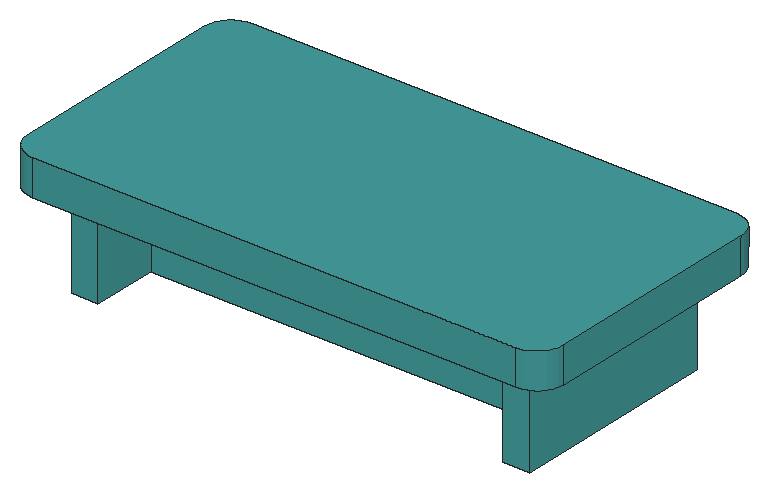
Revit family "HVAC_HangingSystems_Walraven_BIS_Strut_Rail_End_Cap", category Mechanical Equipment, Revit 2016
Family settings
  Part Type = Normal
  Round Connector Dimension = Use Diameter
  OmniClass Number = 23.60.30.11.17
  OmniClass Title = Pipework/Ductwork Mechanical Fasteners/Supports
  Work Plane-Based = Yes
  Always vertical = No
  Cut with Voids When Loaded = No
  Shared = No
  Room Calculation Point = No
Parameters (values of type "41x21")
  type_index = 1
  region_index = 1  # constant formula
  r [instance] = 2 mm  # constant formula
  product_index [instance] = if(type_index = 1, 1, if(type_index = 2, 2, if(type_index = 3, 3, if(type_index = 4, 4, if(type_index = 5, 5, 0)))))  # 1
  lookup_table_name [instance] = "BIS Strut Rail End Cap"  # constant formula
  desc_uk [instance] = if(product_index = 1, "BIS Strut Rail End Cap 41x21", if(product_index = 2, "BIS Strut Rail End Cap 41x41", if(product_index = 3, "BIS Strut Rail End Cap 41x51 (DS 5)", if(product_index = 4, "BIS Strut Rail End Cap 41x62", if(product_index = 5, "BIS Strut Rail End Cap 41x82", "0")))))  # "BIS Strut Rail End Cap 41x21"
  desc_nl [instance] = if(product_index = 1, "BIS Strut Raileinddop 41x21", if(product_index = 2, "BIS Strut Raileinddop 41x41", if(product_index = 3, "BIS Strut Raileinddop 41x51 (DS 5)", if(product_index = 4, "BIS Strut Raileinddop 41x62", if(product_index = 5, "BIS Strut Raileinddop 41x82", "0")))))  # "BIS Strut Raileinddop 41x21"
  Youtube clip = ""
  Weight Net (Kg) = ""
  Uniformat II Description = ""
  Uniformat II Code = ""
  Uniclass 2015 Name = ""
  Uniclass 2015 Code = ""
  Uniclass 2.0 Description = ""
  Uniclass 2.0 Code = ""
  Uniclass 1.4 Description = ""
  Uniclass 1.4 Code = ""
  URL = "https://www.walraven.com/en/?pid=328"
  UNSPSC Code = ""
  Technical description = "https://library.walraven.com/repository/rnd/documents/EN-UK/BIS%20Strut%20Rail%20End%20Cap%20-%20H%2039%2005%20(EN-UK).pdf"
  Region South America = "None"
  Region Oceania = "AU"
  Region North America = "US"
  Region Middle East = "AE, OM, QA, SA"
  Region Europe = "BE, CZ, DE, DK, ES, FR, GB, HR, HU, LT, LV, NL, PL, RO, RU, SE, SK, UA"
  Region Asia = "CN, IN"
  Region Antarctica = "None"
  Region Africa = "ZA"
  RSen_S_net_weight [instance] = size_lookup(lookup_table_name, "weight", 0, type_index) * 1.00 kg  # 0.0035 kg
  RSen_C_product_description [instance] = if(region_index = 1, desc_uk, if(region_index = 2, desc_nl, "0"))  # "BIS Strut Rail End Cap 41x21"
  RSen_C_level_of_development = "LOD400"  # constant formula
  RSen_C_material_colour = "green"  # constant formula
  RSen_C_material = polyethylene (PE)
  RSen_C_length [instance] = 41 mm  # constant formula
  RSen_C_content_releasedate = "22-02-2018"  # constant formula
  RSen_C_content_modification_date = "04-06-2018"  # constant formula
  RSen_C_content_creator = "Itannex bv"  # constant formula
  RSen_C_code_gtin [instance] = ""
  RSen_C_code_manufacturer_product [instance] = size_lookup(lookup_table_name, "", "0", type_index)  # "6566021"
  RSen_C_code_manufacturer_gln = ""
  QR code = "http://bimobject.com/walraven/product/bis-strut-rail-end-cap"
  Product url = "https://www.walraven.com/en/?pid=328"
  Product group = "End Caps"
  Product family = "Rail Systems"
  Product data url = "https://bimobject.com/walraven/product/bis-strut-rail-end-cap"
  Product certification = ""
  Product SKU = "bis-strut-rail-end-cap"
  Product Guid = "cc4c4626-3c83-4a75-b29f-4aced200335d"
  OmniClass Description = "Mechanical Pipe Supports"
  OmniClass Code = "23-27 43 13"
  Nominal width = 41 mm
  Nominal height = 0 mm
  NLRS_C_code_SfB_tabel1 = "50"  # constant formula
  RSen_C_code_ETIM_url = "https://prod.etim-international.com/Class/Details?classId=EC000475&classVersion=7"
  RSen_C_code_ETIM = "EC000475"  # constant formula
  RSen_C_intended_use = "hanging systems"  # constant formula
  RSen_C_certificates = "N/A"  # constant formula
  RSen_C_width [instance] = size_lookup(lookup_table_name, "b", 0 mm, type_index)  # 21 mm
  NBS Reference Description = ""
  NBS Reference Code = ""
  Model = "BIS Strut Rail End Cap"  # constant formula
  Material secondary = ""
  Material main = "Polyethylene"
  Masterformat 2014 Description = ""
  Masterformat 2014 Code = ""
  Manufacturer name = "Walraven"
  Manufacturer country = "Netherlands"
  Manufacturer = "Walraven"  # constant formula
  IsCustom [instance] = 0 = 1  # no
  Installation instructions = ""
  IfcExportType = "USERDEFINED"  # constant formula
  IfcExportAs = "IfcMechanicalFastenerType"  # constant formula
  IfcDescription = Description  # "rail end cap"
  IFC Classification = "Mechanical Fastener"
  GTIN code = ""
  Edition number = 0
  Design country = "Netherlands"
  Description = "rail end cap"  # constant formula
  Default Elevation = 1219.2 mm
  Date of publishing = "7/20/2018"
  COBIe Type Category = ""
  Brand url = "https://www.walraven.com"
  BIMobject main category code = "hvac"
  BIMobject main category = "HVAC"
  BIMobject category code = "hvac-hanging-systems"
  BIMobject category = "Hanging Systems"
  Assembly Code = "50"
Types (5, lengths in mm): name | type_index | product_index | desc_uk | desc_nl | RSen_S_net_weight | RSen_C_product_description | RSen_C_code_manufacturer_product | RSen_C_width | Assembly Code
  41x51 (DS 5) | 3 | 3 | "BIS Strut Rail End Cap 41x51 (DS 5)" | "BIS Strut Raileinddop 41x51 (DS 5)" | 0.00625 kg | "BIS Strut Rail End Cap 41x51 (DS 5)" | "6566051" | 51 | 0
  41x41 | 2 | 2 | "BIS Strut Rail End Cap 41x41" | "BIS Strut Raileinddop 41x41" | 0.01 kg | "BIS Strut Rail End Cap 41x41" | "6566041" | 41 | "50"
  41x21 | 1 | 1 | "BIS Strut Rail End Cap 41x21" | "BIS Strut Raileinddop 41x21" | 0.0035 kg | "BIS Strut Rail End Cap 41x21" | "6566021" | 21 | "50"
  41x62 | 4 | 4 | "BIS Strut Rail End Cap 41x62" | "BIS Strut Raileinddop 41x62" | 0.018 kg | "BIS Strut Rail End Cap 41x62" | "6566062" | 62 | "50"
  41x82 | 5 | 5 | "BIS Strut Rail End Cap 41x82" | "BIS Strut Raileinddop 41x82" | 0.026 kg | "BIS Strut Rail End Cap 41x82" | "6566082" | 82 | "50"
Reference planes
  plane 1 "Center (Front/Back)": y = 0
  plane 2: z = 0
  plane 3 "Center (Left/Right)": x = 0
  plane 4: z = 2.685
  plane 5: z = -7.315
Forms (mm)
  Extrusion 1, solid, material "polyethylene (PE)" <- "RSen_C_material", detail levels medium+fine
    sketch origin (0, 0, -8) x (0, -1, 0) y (1, 0, 0)
      loop
        arc (-21, -18.5) -> (-20.414, -19.914) -> (-19, -20.5) r 2
        line (-19, -20.5) -> (-2, -20.5)
        arc (-2, -20.5) -> (-0.586, -19.914) -> (0, -18.5) r 2
        line (0, -18.5) -> (0, 18.5)
        arc (0, 18.5) -> (-0.586, 19.914) -> (-2, 20.5) r 2
        line (-2, 20.5) -> (-19, 20.5)
        arc (-19, 20.5) -> (-20.414, 19.914) -> (-21, 18.5) r 2
        line (-21, 18.5) -> (-21, -18.5)
    from 10.685 to 8
  Extrusion 2, solid, material "polyethylene (PE)" <- "RSen_C_material", detail levels medium+fine
    sketch origin (0, 0, -8) x (0, -1, 0) y (1, 0, 0)
      loop
        line (-18.5, -17.5) -> (-2.5, -17.5) -> (-2.5, -15.5) -> (-7.5, -15.5) -> (-7.5, 15.5) -> (-2.5, 15.5) -> (-2.5, 17.5) -> (-18.5, 17.5) -> (-18.5, 15.5) -> (-13.5, 15.5) -> (-13.5, -15.5) -> (-18.5, -15.5) -> (-18.5, -17.5)
    from 0.685 to 8
Cuts and joins
  joined: Extrusion 1, Extrusion 2
Dimensions and locks
  locked: plane 4 to level at 2.685
  level to plane 5 = 7.315 mm
  locked: Extrusion 2 sketch curve to Extrusion 1 at 7.5
  locked: Extrusion 1 to Extrusion 2 sketch curve at 2.5
  locked: Extrusion 2 sketch curve to Extrusion 1 at 2.5
  locked: plane 1 "Center (Front/Back)" to Extrusion 2 sketch curve at 2.5  (x2)
  locked: plane 1 "Center (Front/Back)" to Extrusion 2 sketch curve at 7.5
  Extrusion 1 to Extrusion 2 sketch curve = 3 mm
  Extrusion 2 sketch curve to Extrusion 1 = 3 mm
  "RSen_C_length": Extrusion 1 sketch curve to Extrusion 1 sketch curve
  equal spacing: Extrusion 1 sketch curve, plane 3 "Center (Left/Right)", Extrusion 1 sketch curve
  locked: Extrusion 2 sketch curve to Extrusion 2 sketch curve at 2  (x4)
  "RSen_C_width": plane 1 "Center (Front/Back)" to Extrusion 1 sketch curve
  "r": radius of Extrusion 1 sketch curve  (x4)
  aligned and locked: level to plane 2
  aligned and locked: Extrusion 2 to plane 5
  aligned and locked: level to Extrusion 2
  aligned and locked: Extrusion 1 to level
  aligned and locked: plane 4 to Extrusion 1
Automatic sketch dimensions
  plane 1 "Center (Front/Back)" to Extrusion 1 sketch curve = 0 mm
